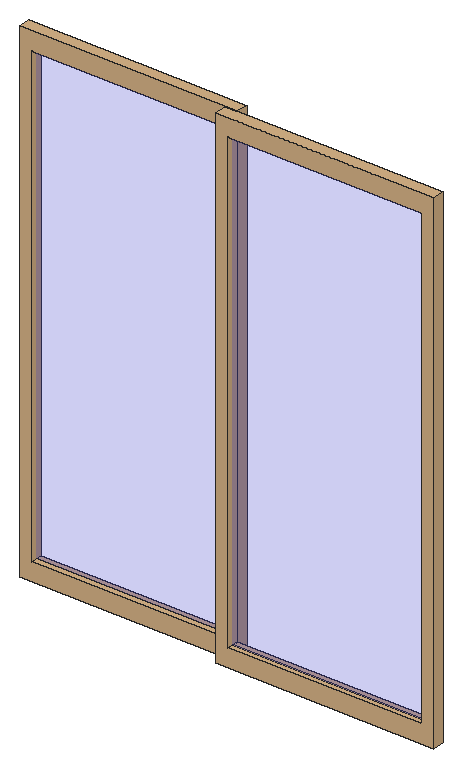
Revit family "0075_M_DR_W_sliding-2 panel_no trim", category 문, Revit 2026
Family settings
  호스트 = 벽
  항상 수직 = 예
  로드될 때 보이드를 사용하여 절단 = 아니오
  공유 = 아니오
  룸 계산 점 = 아니오
Parameters (values of type "72" x 84"")
  두께 = 0' - 2"
  조합 코드 = "C1020"
  기능 = 내부
  Door Material = Door - Panel
  Frame Material = Door - Frame
  Height = 7' - 0"
  Rail Width = 0' - 3"
  Stile Width = 0' - 2"
  벽 마무리 = 호스트별
  Width = 6' - 0"
Types (6): name | 두께 | 조합 코드 | Height | Rail Width | Stile Width | Width
  72" x 84" | 0' - 2" | "C1020" | 7' - 0" | 0' - 3" | 0' - 2" | 6' - 0"
  68" x 80" | 0' - 2" | "C1020" | 6' - 8" | 0' - 2" | 0' - 2" | 5' - 8"
  68" x 84" | 0' - 2" | "C1020" | 7' - 0" | 0' - 2" | 0' - 2" | 5' - 8"
  72" x 78" | 0' - 2" | "C1020" | 6' - 6" | 0' - 2" | 0' - 2" | 6' - 0"
  72" x 82" | 0' - 2" | "C1020" | 6' - 10" | 0' - 2" | 0' - 2" | 6' - 0"
  1830 x 2134mm | 0' - 1 31/32" | 0' - 0" | 7' - 0 1/64" | 0' - 2 61/64" | 0' - 1 31/32" | 6' - 0 3/64"
Reference planes (in)
  plane 1: z = 0
  plane 2: x = 0
  plane 3: x = -36
  plane 4: x = 36
  plane 5: z = 84
  plane 6: y = 8
  plane 7: y = 2
  plane 8: y = 6
  plane 9: y = 4
Forms (in)
  Extrusion 1, solid, material "Door - Panel" <- "Door Material"
    sketch origin (-60, 8, 0) x (-1, 0, 0) y (0, 0, 1)
      loop
        line (-24, 84) -> (-61, 84) -> (-61, 0) -> (-24, 0) -> (-24, 84)
      loop
        line (-26, 81) -> (-59, 81) -> (-59, 3) -> (-26, 3) -> (-26, 81)
    from 0 to -2
  Extrusion 2, solid, material "Door - Panel"
    sketch origin (-25, 1, 0) x (-1, 0, 0) y (0, 0, 1)
      loop
        line (-24, 84) -> (-61, 84) -> (-61, 0) -> (-24, 0) -> (-24, 84)
      loop
        line (-26, 81) -> (-59, 81) -> (-59, 3) -> (-26, 3) -> (-26, 81)
    from 5 to 3
  Extrusion 3, solid, material "Glass"
    sketch origin (0, 0, 0) x (1, 0, 0) y (0, 1, 0)
      loop
        line (-34, 7.125) -> (-34, 6.875) -> (-1, 6.875) -> (-1, 7.125) -> (-34, 7.125)
    from 3 to 81
  Extrusion 4, solid, material "Glass"
    sketch origin (33, -2, 0) x (1, 0, 0) y (0, 1, 0)
      loop
        line (-32, 7.125) -> (-32, 6.875) -> (1, 6.875) -> (1, 7.125) -> (-32, 7.125)
    from 3 to 81
Lines and regions (in)
  Opening 1
    outline origin (-60, 2, 144) x (0, 0, -1) y (1, 0, 0)
      loop
        line (60, 96) -> (60, 24) -> (144, 24) -> (144, 96) -> (60, 96)
  symbolic lines, style "DoorsGlassProjection"
    curve 1: line (-34, 7, 0) -> (-1, 7, 0)
    curve 2: line (1, 5, 0) -> (34, 5, 0)
  symbolic lines, style "DoorsFrameMullionProjection"
    curve 3: line (34, 6, 0) -> (36, 6, 0)
    curve 4: line (34, 6, 0) -> (34, 4, 0)
    curve 5: line (34, 4, 0) -> (36, 4, 0)
    curve 6: line (36, 6, 0) -> (36, 4, 0)
    curve 7: line (-1, 8, 0) -> (1, 8, 0)
    curve 8: line (-1, 8, 0) -> (-1, 6, 0)
    curve 9: line (-1, 6, 0) -> (1, 6, 0)
    curve 10: line (1, 8, 0) -> (1, 6, 0)
    curve 11: line (-1, 6, 0) -> (1, 6, 0)
    curve 12: line (-1, 6, 0) -> (-1, 4, 0)
    curve 13: line (-1, 4, 0) -> (1, 4, 0)
    curve 14: line (1, 6, 0) -> (1, 4, 0)
    curve 15: line (-36, 8, 0) -> (-34, 8, 0)
    curve 16: line (-36, 8, 0) -> (-36, 6, 0)
    curve 17: line (-36, 6, 0) -> (-34, 6, 0)
    curve 18: line (-34, 8, 0) -> (-34, 6, 0)
Text (in)
  text "Exterior" at (-68.33502, 21.89683, 0), in view "Ground floor"
  text "Exterior" at (0, 35.48876, 116.93956), in view "Left"
Dimensions and locks (in)
  equal spacing: plane 3, plane 2, plane 4
  "Width": plane 3 to plane 4
  "Height": plane 1 to plane 5
  "Rail Width": Extrusion 1 sketch curve to plane 5
  "Rail Width": plane 1 to Extrusion 1 sketch curve
  "Stile Width": Extrusion 1 sketch curve to Extrusion 1 sketch curve  (x2)
  Extrusion 1 sketch curve to plane 2 = 0' - 1"
  "Stile Width": Extrusion 2 sketch curve to Extrusion 2 sketch curve  (x2)
  equal spacing: Extrusion 3 sketch curve, curve 1, Extrusion 3 sketch curve
  locked: Extrusion 3 sketch curve to Extrusion 3 sketch curve at 0.25
  locked: Extrusion 4 sketch curve to Extrusion 4 sketch curve at 0.25
  equal spacing: Extrusion 4 sketch curve, curve 2, Extrusion 4 sketch curve
  "두께": plane 8 to plane 6
  "두께": plane 8 to plane 9
  equal spacing: plane 8, curve 1, plane 6
  equal spacing: plane 8, curve 2, plane 9
  "Rail Width": Extrusion 2 sketch curve to plane 5
  "Rail Width": level to Extrusion 2 sketch curve
  aligned and locked: Opening 1 sketch curve to plane 5
  aligned and locked: Opening 1 sketch curve to plane 3
  aligned and locked: plane 4 to Opening 1 sketch curve
  aligned and locked: host wall to plane 6
  aligned and locked: plane 7 to host wall
  aligned and locked: curve 17 to curve 11
  aligned and locked: curve 17 to curve 3
  aligned and locked: Extrusion 1 to curve 17
  aligned and locked: Extrusion 2 to Extrusion 1
  aligned and locked: Extrusion 1 to Extrusion 3 sketch curve  (x2)
  aligned and locked: Extrusion 3 to Extrusion 1  (x2)
  aligned and locked: Extrusion 1 to Extrusion 4
  aligned and locked: Extrusion 1 to plane 8
  aligned and locked: Extrusion 2 to plane 9
  aligned and locked: Extrusion 2 to curve 5
  aligned and locked: curve 13 to Extrusion 2
  aligned and locked: Extrusion 4 to Extrusion 1
Automatic sketch dimensions
  Opening 1 sketch curve to level = 0' - 0"
  Extrusion 1 sketch curve to plane 3 = 0' - 0"
  Extrusion 2 sketch curve to plane 4 = 0' - 0"
  Extrusion 2 sketch curve to plane 5 = 0' - 0"
  Extrusion 2 sketch curve to level = 0' - 0"
  plane 2 to Extrusion 2 sketch curve = 0' - 1"
  plane 2 to Extrusion 4 sketch curve = 0' - 1"
  plane 4 to Extrusion 4 sketch curve = 0' - 2"
  curve 16 to host wall = 0' - 0"
  curve 16 to plane 3 = 0' - 0"
  curve 6 to plane 4 = 0' - 0"
  curve 17 to plane 3 = 0' - 2"
  curve 12 to plane 2 = 0' - 1"
  plane 2 to curve 10 = 0' - 1"
  curve 5 to curve 5 = 0' - 2"
  curve 8 to host wall = 0' - 0"
